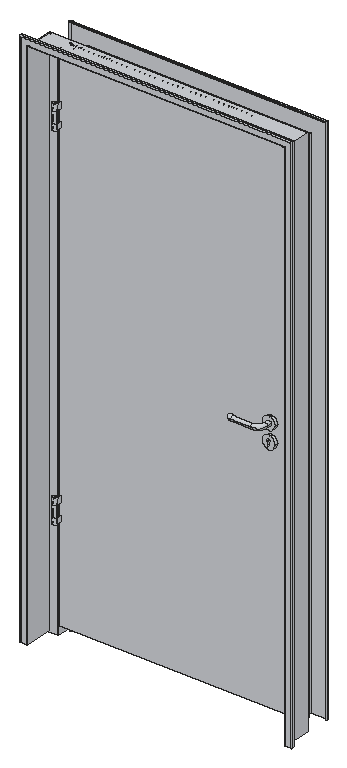
Revit family "BOS-Leibungszarge-BuLd-MW_Familie", category Türen, Revit 2017 (continued)
Definition of nested family "BOS-BOS_Modell"
  Dimensions and locks
    aligned and locked: text3d elem to level
Definition of nested family "BOS-loser-Nagelanker-Leibungszarge_Detail"
  Parameters (values of type "BOS-loser-Nagelanker-Leibungszarge_Detail")
    URL = "www.BestOfSteel.de"
    Spiegel vorne = 30 mm
    Spiegel innen = 40 mm
    Spiegel hinten = 30 mm
    Rechtliche Hinweise = "www.BestOfSteel.de/tools-downloads/bim-building-information-modeling/"
    Profilverschiebung = 15 mm
    MW Maulweite = 200 mm
    Manufacturer = "BOS GmbH Best Of Steel, Lütkenfelde 4, D-48282 Emsdetten"
    Falzaufschlag gesamt = 15 mm
    Description = "loser Nagelanker Leibungszarge"
    Keynote = "BOS Detail"
    BOS-Architekten-Beratung = "Tel.: +49 (0) 2572 203-203, Fax -209; E-Mail: architekten@BestOfSteel.de"
    Allgemeine Informationen zu Stahlzargen = "www.BestOfSteel.de/tools-downloads/technische-infos-rund-um-die-stahlzarge/"
  Reference planes
    plane 1: z = 0
    plane 2 "Außenkante Wand": y = 199
    plane 3: x = -15
    plane 4: y = 14
    plane 5: y = 184
    plane 6 "Innenkante Wand": y = -1
    plane 7: x = 0
    plane 8: x = -165
    plane 9: x = 40
    plane 10: x = 55
    plane 11: x = 25
    plane 12: x = -30
    plane 13: x = -10
  Lines and regions (mm)
    detail lines, in view "Ref.-Ebene"
      curve 1: line (-165, 184, 0) -> (-10, 184, 0)
      curve 2: line (-10, 184, 0) -> (-10, 14, 0)
      curve 3: line (-10, 14, 0) -> (-165, 14, 0)
      curve 4: arc (-41.337, 14, 0) -> (-40.363, 13.88, 0) -> (-39.448, 13.526, 0) r 4
      curve 5: arc (-26.082, 3.557, 0) -> (-27.049, 3.663, 0) -> (-27.971, 3.974, 0) r 4.486
      curve 6: arc (-6.471, 6.5, 0) -> (-1.563, 2.315, 0) -> (-4.92, -3.192, 0) r 4.97
      curve 7: arc (-6.471, 3.557, 0) -> (-4.485, 1.938, 0) -> (-5.671, -0.333, 0) r 2.027
      curve 8: arc (-14.45, -4.348, 0) -> (-12.088, -2.387, 0) -> (-9.253, -1.207, 0) r 10.319
      curve 9: line (-26.333, 6.5, 0) -> (-39.448, 13.526, 0)
      curve 10: line (-27.971, 3.974, 0) -> (-41.086, 11, 0)
      curve 11: line (-41.086, 11, 0) -> (-106.366, 11, 0)
      curve 12: line (-4.92, -3.192, 0) -> (-28.325, -9.2, 0)
      curve 13: line (-28.325, -9.2, 0) -> (-28.635, -7.989, 0)
      curve 14: line (-9.253, -1.207, 0) -> (-5.671, -0.333, 0)
      curve 15: line (-6.471, 6.5, 0) -> (-26.333, 6.5, 0)
      curve 16: line (-6.471, 3.557, 0) -> (-26.082, 3.557, 0)
      curve 17: line (-41.337, 14, 0) -> (-126.5, 14, 0)
      curve 18: arc (-111.855, 12.75, 0) -> (-109.239, 11.471, 0) -> (-106.366, 11, 0) r 9.994
      curve 19: line (-126.5, 14, 0) -> (-126.5, 12.75, 0)
      curve 20: line (-15, 184, 0) -> (-15, 14, 0)
      curve 39: arc (13.798, 184, 0) -> (14.772, 184.12, 0) -> (15.687, 184.474, 0) r 4
      curve 40: arc (29.053, 194.443, 0) -> (28.086, 194.337, 0) -> (27.164, 194.026, 0) r 4.486
      curve 41: arc (48.664, 191.5, 0) -> (53.572, 195.685, 0) -> (50.215, 201.192, 0) r 4.97
      curve 42: arc (48.664, 194.443, 0) -> (50.65, 196.062, 0) -> (49.465, 198.333, 0) r 2.027
      curve 43: arc (40.685, 202.348, 0) -> (43.047, 200.387, 0) -> (45.882, 199.207, 0) r 10.319
      curve 44: line (28.802, 191.5, 0) -> (15.687, 184.474, 0)
      curve 45: line (27.164, 194.026, 0) -> (14.049, 187, 0)
      curve 46: line (14.049, 187, 0) -> (-51.231, 187, 0)
      curve 47: line (50.215, 201.192, 0) -> (26.811, 207.2, 0)
      curve 48: line (26.811, 207.2, 0) -> (26.5, 205.989, 0)
      curve 49: line (45.882, 199.207, 0) -> (49.465, 198.333, 0)
      curve 50: line (48.664, 191.5, 0) -> (28.802, 191.5, 0)
      curve 51: line (48.664, 194.443, 0) -> (29.053, 194.443, 0)
      curve 52: line (13.798, 184, 0) -> (-71.365, 184, 0)
      curve 53: arc (-56.72, 185.25, 0) -> (-54.104, 186.529, 0) -> (-51.231, 187, 0) r 9.994
      curve 54: line (-71.365, 184, 0) -> (-71.365, 185.25, 0)
      curve 56: arc (-41.337, 12.75, 0) -> (-40.668, 12.667, 0) -> (-40.039, 12.424, 0) r 2.75
      curve 57: arc (-26.082, 5.25, 0) -> (-26.63, 5.318, 0) -> (-27.145, 5.517, 0) r 2.25
      curve 58: arc (-6.647, 5.25, 0) -> (-2.96, 2.187, 0) -> (-5.296, -1.998, 0) r 3.75
      curve 59: line (-41.337, 12.75, 0) -> (-126.5, 12.75, 0)
      curve 60: line (-27.145, 5.517, 0) -> (-40.039, 12.424, 0)
      curve 61: line (-45.647, 12.75, 0) -> (-45.647, 14, 0)
      curve 62: line (-28.635, -7.989, 0) -> (-5.296, -1.998, 0)
      curve 63: line (-6.647, 5.25, 0) -> (-26.082, 5.25, 0)
      curve 64: arc (13.798, 185.25, 0) -> (14.468, 185.333, 0) -> (15.097, 185.576, 0) r 2.75
      curve 65: arc (29.053, 192.75, 0) -> (28.505, 192.682, 0) -> (27.991, 192.483, 0) r 2.25
      curve 66: arc (48.488, 192.75, 0) -> (52.175, 195.813, 0) -> (49.839, 199.998, 0) r 3.75
      curve 67: line (13.798, 185.25, 0) -> (-71.365, 185.25, 0)
      curve 68: line (27.991, 192.483, 0) -> (15.097, 185.576, 0)
      curve 69: line (9.488, 185.25, 0) -> (9.488, 184, 0)
      curve 70: line (26.5, 205.989, 0) -> (49.839, 199.998, 0)
      curve 71: line (48.488, 192.75, 0) -> (29.053, 192.75, 0)
    reference lines, in view "Ref.-Ebene"
      curve 21: line (-30.135, 21.062, 0) -> (-30.135, -16.107, 0)
      curve 55: line (25, 176.938, 0) -> (25, 214.107, 0)
    detail lines, in view "Ref.-Ebene", not visible
      curve 22: arc (-156.874, -155.441, 0) -> (-155.9, -155.562, 0) -> (-154.985, -155.915, 0) r 4
      curve 23: arc (-141.619, -165.884, 0) -> (-142.586, -165.779, 0) -> (-143.507, -165.467, 0) r 4.486
      curve 24: arc (-122.007, -162.941, 0) -> (-117.1, -167.126, 0) -> (-120.456, -172.633, 0) r 4.97
      curve 25: arc (-122.007, -165.884, 0) -> (-120.022, -167.503, 0) -> (-121.207, -169.774, 0) r 2.027
      curve 26: arc (-129.986, -173.789, 0) -> (-127.624, -171.828, 0) -> (-124.79, -170.648, 0) r 10.319
      curve 27: line (-141.87, -162.941, 0) -> (-154.985, -155.915, 0)
      curve 28: line (-143.507, -165.467, 0) -> (-156.623, -158.441, 0)
      curve 29: line (-156.623, -158.441, 0) -> (-221.903, -158.441, 0)
      curve 30: line (-120.456, -172.633, 0) -> (-143.861, -178.641, 0)
      curve 31: line (-143.861, -178.641, 0) -> (-144.172, -177.43, 0)
      curve 32: line (-124.79, -170.648, 0) -> (-121.207, -169.774, 0)
      curve 33: line (-122.007, -162.941, 0) -> (-141.87, -162.941, 0)
      curve 34: line (-122.007, -165.884, 0) -> (-141.619, -165.884, 0)
      curve 35: line (-156.874, -155.441, 0) -> (-242.036, -155.441, 0)
      curve 36: arc (-227.391, -156.691, 0) -> (-224.776, -157.97, 0) -> (-221.903, -158.441, 0) r 9.994
      curve 37: line (-242.036, -155.441, 0) -> (-242.036, -156.691, 0)
      curve 72: arc (-156.874, -156.691, 0) -> (-156.204, -156.774, 0) -> (-155.575, -157.017, 0) r 2.75
      curve 73: arc (-141.619, -164.191, 0) -> (-142.166, -164.123, 0) -> (-142.681, -163.925, 0) r 2.25
      curve 74: arc (-122.183, -164.191, 0) -> (-118.497, -167.254, 0) -> (-120.833, -171.44, 0) r 3.75
      curve 75: line (-156.874, -156.691, 0) -> (-242.036, -156.691, 0)
      curve 76: line (-142.681, -163.925, 0) -> (-155.575, -157.017, 0)
      curve 77: line (-161.183, -156.691, 0) -> (-161.183, -155.441, 0)
      curve 78: line (-144.172, -177.43, 0) -> (-120.833, -171.44, 0)
      curve 79: line (-122.183, -164.191, 0) -> (-141.619, -164.191, 0)
    reference lines, in view "Ref.-Ebene", not visible
      curve 38: line (-145.672, -148.379, 0) -> (-145.672, -185.548, 0)
  Dimensions and locks
    plane 2 "Außenkante Wand" to plane 5 = 15 mm
    plane 6 "Innenkante Wand" to plane 4 = 15 mm
    "Profilverschiebung": plane 3 to plane 7
    plane 8 to plane 3 = 150 mm
    "MW Maulweite": plane 2 "Außenkante Wand" to plane 6 "Innenkante Wand"
    "Spiegel innen": plane 7 to plane 9
    "Falzaufschlag gesamt": plane 9 to plane 10
    "Spiegel hinten": plane 11 to plane 10
    "Spiegel vorne": plane 12 to plane 7
    plane 3 to plane 13 = 5 mm
    aligned and locked: plane 5 to curve 1
    aligned and locked: plane 4 to curve 3
    aligned and locked: plane 4 to curve 17
    aligned and locked: plane 8 to curve 1
    aligned and locked: plane 8 to curve 3
    aligned and locked: curve 52 to plane 5
    aligned and locked: curve 21 to plane 12
    aligned and locked: curve 55 to plane 11
  Automatic sketch dimensions
    curve 20 to plane 3 = 0 mm
    plane 3 to curve 1 = 5 mm
    curve 6 to curve 7 = 0 mm  (x4)
    curve 19 to curve 11 = 20.134 mm
    curve 11 to curve 18 = 0.163 mm
    curve 11 to curve 59 = 65.029 mm
    curve 4 to curve 10 = 0.251 mm
    curve 56 to curve 60 = 1.299 mm
    curve 60 to curve 9 = 0.59 mm
    curve 4 to curve 13 = 12.702 mm
    curve 13 to curve 13 = 0.311 mm
    curve 13 to curve 10 = 0.664 mm
    curve 10 to curve 60 = 0.826 mm
    curve 60 to curve 9 = 0.812 mm
    curve 9 to curve 5 = 0.251 mm
    curve 57 to curve 5 = 0 mm
    curve 5 to curve 14 = 16.829 mm
    curve 14 to curve 8 = 2.503 mm
    curve 8 to curve 63 = 2.606 mm
    curve 58 to curve 16 = 0.176 mm
    curve 6 to curve 14 = 0.8 mm
    curve 7 to curve 62 = 0.374 mm
    curve 58 to curve 12 = 0.377 mm
    curve 19 to curve 18 = 6.993 mm
    curve 9 to curve 4 = 0.474 mm
    curve 59 to curve 4 = 1.25 mm
    curve 5 to curve 9 = 5.482 mm
    curve 57 to curve 5 = 0.544 mm
    curve 15 to curve 57 = 1 mm
    curve 60 to curve 9 = 0.983 mm
    curve 10 to curve 57 = 1.543 mm
    curve 6 to curve 16 = 2.027 mm
    curve 58 to curve 6 = 0.03 mm
    curve 14 to curve 7 = 0.874 mm
    curve 8 to curve 6 = 8.026 mm
    curve 18 to curve 18 = 5.489 mm
    curve 61 to curve 4 = 4.31 mm
    curve 4 to curve 56 = 0 mm  (x4)
    curve 41 to curve 42 = 0 mm  (x4)
    curve 54 to curve 46 = 20.134 mm
    curve 46 to curve 53 = 0.163 mm
    curve 46 to curve 67 = 65.029 mm
    curve 39 to curve 45 = 0.251 mm
    curve 64 to curve 68 = 1.299 mm
    curve 68 to curve 44 = 0.59 mm
    curve 39 to curve 48 = 12.702 mm
    curve 48 to curve 48 = 0.311 mm
    curve 48 to curve 45 = 0.664 mm
    curve 45 to curve 68 = 0.826 mm
    curve 68 to curve 44 = 0.812 mm
    curve 44 to curve 40 = 0.251 mm
    curve 65 to curve 40 = 0 mm
    curve 40 to curve 49 = 16.829 mm
    curve 49 to curve 43 = 2.503 mm
    curve 43 to curve 71 = 2.606 mm
    curve 66 to curve 51 = 0.176 mm
    curve 41 to curve 49 = 0.8 mm
    curve 42 to curve 70 = 0.374 mm
    curve 66 to curve 47 = 0.377 mm
    curve 53 to curve 54 = 6.993 mm
    curve 39 to curve 44 = 0.474 mm
    curve 39 to curve 67 = 1.25 mm
    curve 44 to curve 40 = 5.482 mm
    curve 40 to curve 65 = 0.544 mm
    curve 65 to curve 50 = 1 mm
    curve 44 to curve 68 = 0.983 mm
    curve 65 to curve 45 = 1.543 mm
    curve 51 to curve 41 = 2.027 mm
    curve 41 to curve 66 = 0.03 mm
    curve 42 to curve 49 = 0.874 mm
    curve 41 to curve 43 = 8.026 mm
    curve 53 to curve 53 = 5.489 mm
    curve 69 to curve 39 = 4.31 mm
    curve 39 to curve 64 = 0 mm  (x4)
    curve 24 to curve 25 = 0 mm  (x4)
    curve 37 to curve 29 = 20.134 mm
    curve 29 to curve 36 = 0.163 mm
    curve 29 to curve 75 = 65.029 mm
    curve 22 to curve 28 = 0.251 mm
    curve 72 to curve 76 = 1.299 mm
    curve 76 to curve 27 = 0.59 mm
    curve 22 to curve 31 = 12.702 mm
    curve 31 to curve 31 = 0.311 mm
    curve 31 to curve 28 = 0.664 mm
    curve 28 to curve 76 = 0.826 mm
    curve 76 to curve 27 = 0.812 mm
    curve 27 to curve 23 = 0.251 mm
    curve 73 to curve 23 = 0 mm
    curve 23 to curve 32 = 16.829 mm
    curve 32 to curve 26 = 2.503 mm
    curve 26 to curve 79 = 2.606 mm
    curve 74 to curve 34 = 0.176 mm
    curve 24 to curve 32 = 0.8 mm
    curve 25 to curve 78 = 0.374 mm
    curve 74 to curve 30 = 0.377 mm
    curve 37 to curve 36 = 6.993 mm
    curve 27 to curve 22 = 0.474 mm
    curve 75 to curve 22 = 1.25 mm
    curve 23 to curve 27 = 5.482 mm
    curve 73 to curve 23 = 0.544 mm
    curve 33 to curve 73 = 1 mm
    curve 76 to curve 27 = 0.983 mm
    curve 28 to curve 73 = 1.543 mm
    curve 24 to curve 34 = 2.027 mm
    curve 74 to curve 24 = 0.03 mm
    curve 32 to curve 25 = 0.874 mm
    curve 26 to curve 24 = 8.026 mm
    curve 36 to curve 36 = 5.489 mm
    curve 77 to curve 22 = 4.31 mm
    curve 22 to curve 72 = 0 mm  (x4)
    curve 55 to curve 55 = 37.169 mm
    curve 21 to curve 21 = 37.169 mm
    curve 38 to curve 38 = 37.169 mm
Definition of nested family "BOS-Info-Texte_Beschriftung"
  Parameters (values of type "Drehpunkt Warnung")
    Unten = no
    Schwarz = yes
    Rot = no
    Oben = yes
    Info-Text En unten = "Kein Text"
    Info-Text De unten = "Kein Text"
    Info-Text En oben = "The actual pivot point of the door leaf\r\nmay differ from the one illustrated!"
    Englisch unten rot = and(and(Unten, Englisch), Rot)  # no
    Englisch unten schwarz = and(and(Unten, Englisch), Schwarz)  # no
    Englisch oben rot = and(and(Oben, Englisch), Rot)  # no
    Englisch oben schwarz = and(and(Oben, Englisch), Schwarz)  # no
    Info-Text De oben = "Der tatsächliche Drehpunkt des Türblattes\r\nkann von der Darstellung abweichen!"
    Warndreieck = no
    Fehlerkreis = no
    Englisch = no
    Deutsch unten rot = and(and(Unten, Deutsch), Rot)  # no
    Deutsch unten schwarz = and(and(Unten, Deutsch), Schwarz)  # no
    Deutsch oben rot = and(and(Oben, Deutsch), Rot)  # no
    Deutsch oben schwarz = and(and(Oben, Deutsch), Schwarz)  # yes
    Deutsch = not(Englisch)  # yes
    Ausrufezeichen = "!"
  Types (12, lengths in mm): name | Unten | Schwarz | Rot | Oben | Info-Text En unten | Info-Text De unten | Info-Text En oben | Info-Text De oben | Warndreieck | Fehlerkreis | Deutsch unten schwarz | Deutsch oben rot | Deutsch oben schwarz
    Rechtliche Hinweise | no | yes | no | yes | "Kein Text" | "Kein Text" | "In accordance with the protection note according to DIN 34, the ownership and copyrights are reserved!\r\n© 2016 BOS GmbH, Emsdetten, Germany -\r\nObserve the ISO 16016 protective label (see ID data)!\r\n\r\nSubject to technical change!" | "Entsprechend dem Schutzvermerk nach DIN 34 behalten wir uns Eigentum und Urheberrecht vor!\r\n© 2016 BOS GmbH, Emsdetten, Deutschland -\r\nSchutzvermerk ISO 16016 beachten (siehe ID-Daten)!\r\n\r\nTechnische Änderungen vorbehalten!" | no | no | no | no | yes
    Maulweite Fehlermeldung | no | yes | no | yes | "Kein Text" | "Kein Text" | "Check the wall thickness!" | "Wandstärke prüfen!" | no | yes | no | no | yes
    Verstellbereich | no | yes | no | yes | "Kein Text" | "Kein Text" | "Adjustment area from -5 to +15mm,\r\nother adjustment areas possible" | "Verstellbereich von -5 bis +15mm\r\nanderer Verstellbereich möglich" | no | no | no | no | yes
    Verstellbereich wSvdW | no | yes | no | yes | "Kein Text" | "Kein Text" | "Adjustment area in the soffit from -2 to +15mm,\r\nother adjustment areas possible" | "Verstellbereich in der Zargenleibung von -2 bis +15mm\r\nanderer Verstellbereich möglich" | no | no | no | no | yes
    Wandartauswahl 15Nz15Z | no | yes | no | yes | "Kein Text" | "Kein Text" | "Attention for stud walls: underlay from site required!\r\nFor DIN door leaves, select larger structural wall measurements.\r\nFor selection \"stud walls\":\r\nsee 'Features' (remove tick for brick walls)" | "Achtung bei Ständerwerk: bauseitige Unterfütterung erforderlich!\r\nBei DIN-Türblatt Rohbaumaße größer wählen.\r\nFür Auswahl \"Ständerwerk\": \r\nsiehe 'Eigenschaften' (Häkchen entfernen bei Mauerwerk)." | no | no | no | no | yes
    Technische Hinweise | no | yes | no | yes | "Kein Text" | "Kein Text" | "Due to manufacturing reasons this Revit family may not be changed\r\nwithout consulting BOS!\r\n\r\nDo not mirror frames (door list)!\r\nsee ‘Features’: DIN left / DIN right\r\n\r\nThe solid and stud walls or, for example, their profiles,\r\nmust be designed so that they can reliably and sustainably\r\nabsorb the static and dynamic forces resulting\r\nfrom the load on the door element used." | "Diese Revit-Familie darf aus fertigungstechnischen Gründen\r\nnicht ohne Rücksprache mit BOS abgeändert werden!\r\n\r\nZargen nicht spiegeln (Türliste)!\r\nsiehe 'Eigenschaften': DIN links / DIN rechts\r\n\r\nDie Massiv- und Ständerwerkswände bzw. deren Profile\r\nmüssen so ausgebildet sein, dass sie die statischen\r\nund dynamischen Kräfte, welche sich aus der Belastung\r\nder verwendeten Türelements ergeben, zuverlässig\r\nund nachhaltig aufnehmen können." | no | no | no | no | yes
    Drückerhöhe Warnung | yes | yes | no | no | "Please take the handle depth/height and/or DIN opening direction into account" | "Drückertiefen/-höhen und/oder DIN Richtungen beachten/anpassen!" | "Kein Text" | "Kein Text" | yes | no | yes | no | no
    Maulweite-Dehnungsfuge Fehlermeldung | no | yes | no | yes | "Kein Text" | "Kein Text" | "Check the wall thickness and/or expansion joint!" | "Wandstärke und/oder Dehnungsfuge prüfen!" | no | yes | no | no | yes
    Technische Hinweise Norm | no | yes | no | yes | "Kein Text" | "Kein Text" | "Due to manufacturing reasons this Revit family may not be changed\r\nwithout consulting BOS!\r\n\r\nThe solid and stud walls or, for example, their profiles,\r\nmust be designed so that they can reliably and sustainably\r\nabsorb the static and dynamic forces resulting\r\nfrom the load on the door element used." | "Diese Revit-Familie darf aus fertigungstechnischen Gründen\r\nnicht ohne Rücksprache mit BOS abgeändert werden!\r\n\r\nDie Massiv- und Ständerwerkswände bzw. deren Profile\r\nmüssen so ausgebildet sein, dass sie die statischen\r\nund dynamischen Kräfte, welche sich aus der Belastung\r\nder verwendeten Türelements ergeben, zuverlässig\r\nund nachhaltig aufnehmen können." | no | no | no | no | yes
    Maßauswahl | no | no | yes | yes | "Kein Text" | "Kein Text" | "To choose  Rebate Width/Height Measurement, Receiving Opening\r\nsee 'Features'" | "Auswahl von FMB, FMH, MW\r\nunter 'Eigenschaften'" | no | no | no | yes | no
    Rohbaumaß Warnung | no | yes | no | yes | "Kein Text" | "Kein Text" | "For DIN door leaves, select larger structural wall measurements!\r\nWhen changing the architrave widths, the structural measurements change accordingly." | "Bei DIN-Türblatt Rohbaumaße größer wählen!\r\nBei Änderung der Spiegelbreiten, Rohbaumaße beachten." | no | no | no | no | yes
    Drehpunkt Warnung | no | yes | no | yes | "Kein Text" | "Kein Text" | "The actual pivot point of the door leaf\r\nmay differ from the one illustrated!" | "Der tatsächliche Drehpunkt des Türblattes\r\nkann von der Darstellung abweichen!" | no | no | no | no | yes
  Reference planes
    plane 1: y = 0.955
    plane 2: x = 0
  Lines and regions (mm)
    Filled region 1, type "Gefüllter Bereich Gelb", visible <- "Warndreieck"
      outline origin (-7.188, 1.747, 0) x (1, 0, 0) y (0, 1, 0)
        loop
          line (5.951, -3.033) -> (8.413, -3.033) -> (7.182, -0.9) -> (5.951, -3.033)
    Filled region 2, type "Gefüllter Bereich Rot", visible <- "Fehlerkreis"
      outline origin (0, -3.763, 0) x (1, 0, 0) y (0, 1, 0)
        loop
          circle (0, 3.1) r 1.5
        loop
          line (-0.937, 3.486) -> (-0.937, 2.686) -> (1.023, 2.686) -> (1.023, 3.486) -> (-0.937, 3.486)
    Filled region 3, type "Gefüllter Bereich Weiss", visible <- "Fehlerkreis"
      outline origin (-7.014, -2.062, 0) x (1, 0, 0) y (0, 1, 0)
        loop
          line (6.077, 1.785) -> (6.077, 0.985) -> (8.038, 0.985) -> (8.038, 1.785) -> (6.077, 1.785)
  Text (mm)
    label "Info-Text De oben schwarz" at (0.065, 1.415, 0), shows "Info-Text De oben", visible <- "Deutsch oben schwarz"
    label "!" at (0.065, -0.414, 0), shows "Ausrufezeichen", visible <- "Warndreieck"
    label "Info-Text En oben schwarz" at (0.065, 1.415, 0), shows "Info-Text En oben", visible <- "Englisch oben schwarz"
    label "Info-Text De unten schwarz" at (0.218, -2.468, 0), shows "Info-Text De unten", visible <- "Deutsch unten schwarz"
    label "Info-Text En unten schwarz" at (0.065, -2.419, 0), shows "Info-Text En unten", visible <- "Englisch unten schwarz"
    label "Info-Text En oben rot" at (0.065, 1.415, 0), shows "Info-Text En oben", visible <- "Englisch oben rot"
    label "Info-Text En unten rot" at (0.065, -2.419, 0), shows "Info-Text En unten", visible <- "Englisch unten rot"
    label "Info-Text De unten rot" at (0.065, -2.419, 0), shows "Info-Text De unten", visible <- "Deutsch unten rot"
    label "Info-Text De oben rot" at (-0.371, 1.396, 0), shows "Info-Text De oben", visible <- "Deutsch oben rot"
Definition of nested family "BOS-Logo_Modell"
  Parameters (values of type "BOS-Logo_Modell")
    URL = "www.BestOfSteel.de"
    Rechtliche Hinweise = "www.BestOfSteel.de/tools-downloads/bim-building-information-modeling/"
    Description = "BOS Logo"
    Keynote = "BOS Logo"
    BOS-Architekten-Beratung = "Tel.: +49 (0) 2572 203-203; E-Mail: architekten@BestOfSteel.de"
    Technische Infos rund um die Stahlzarge = "www.BestOfSteel.de/tools-downloads/technische-infos-rund-um-die-stahlzarge/"
    Abstand vertikal = 10 mm
    Abstand horizontal = 15 mm
  Reference planes
    plane 1: y = 0
    plane 2: z = 0
    plane 3: x = 0
    plane 4: x = -7
    plane 5: x = 7
    plane 6: y = 8.299
    plane 7: x = 15
    plane 8: y = 4.15
    plane 9: x = -15
    plane 10: y = 14.15
    plane 11: y = -5.85
  Dimensions and locks
    plane 4 to plane 3 to plane 5 = 7 mm, 7 mm
    "Abstand vertikal": plane 11 to plane 8 to plane 10
    plane 6 to plane 8 to plane 1 = 4.15 mm, 4.15 mm
    "Abstand horizontal": plane 9 to plane 3
    "Abstand horizontal": plane 3 to plane 7
    aligned and locked: level to plane 2
Types (4, lengths in mm): name | Türblattabstand 1 | Türblattversatz horizontal | Spiegel hinten min. | Spiegel hinten max. | LDH Lichte Durchgangs Höhe   Clearance Height | LDB Lichte Durchgangs Breite   Clearance Width | Drehpunktposition vertikal | Drehpunktposition horizontal | Drehpunktabstand (SP) vertikal | Drehpunktabstand (FM) horizontal | Stumpf | MW Maulweite (BuLd, BsLd) | MW Maulweite (BuLFd, BsLFd) | Gefälzt | Falztiefe gesamt | Falzaufschlag gesamt | Dichtungsversatz vertikal 1 | Einfachfalz | Doppelfalz | Bänder - Auswahl | BsFLd | BuFLd | Türblattstärke 3 | Türblattstärke 2 | Türblattstärke 1 | Türblattstärke | Türblattversatz vertikal | Spiegel hinten   Architrave Back | Spiegel hinten | BsLd | Modell | MW min. | GT min. | Falztiefe | Dichtung 2 | Beschreibung
  BuLd | -2 | 6 | 70 | 70 | 2078 | 906 | 215 | 1523.5 | 13.5 | 2.5 | yes | 130 | 200 | no | 71.5 | 30 | 155 | no | yes | "3D Bänder stumpf, Bandaufnahmen BVX11000" | yes | no | 25 | 40 | 0 | 65 | 15.5 | 70 | 70 | no | "BsFLd" | 130 | 150 | 46.5 | yes | "Leibungszarge für Mauerwerk, stumpf, mit Doppelfalz"
  BsLd | -2 | 6 | 55 | 55 | 2093 | 936 | 190 | 1523.5 | 13.5 | 2.5 | yes | 200 | 130 | no | 46.5 | 15 | 180 | yes | no | "3D Bänder stumpf, Bandaufnahmen BVX11000" | no | no | 0 | 40 | 0 | 40 | 15.5 | 55 | 55 | yes | "BsLd" | 100 | 120 | 46.5 | no | "Leibungszarge für Mauerwerk, stumpf"
  BuFLd | 1.5 | 11.5 | 70 | 70 | 2078 | 906 | 196 | 1542 | 12.5 | 21 | no | 130 | 200 | yes | 53.5 | 30 | 155 | no | yes | "3D Bänder gefälzt, Bandaufnahmen BVX11000" | no | yes | 25 | 25.5 | 14.5 | 65 | -3.5 | 70 | 70 | no | "BuFLd" | 130 | 150 | 28.5 | yes | "Leibungszarge für Mauerwerk, gefälzt, mit Doppelfalz"
  BsFLd | -2 | 6 | 70 | 70 | 2078 | 906 | 215 | 1523.5 | 13.5 | 2.5 | yes | 130 | 200 | no | 71.5 | 30 | 155 | no | yes | "3D Bänder stumpf, Bandaufnahmen BVX11000" | yes | no | 25 | 40 | 0 | 65 | 15.5 | 70 | 70 | no | "BsFLd" | 130 | 150 | 46.5 | yes | "Leibungszarge für Mauerwerk, stumpf, mit Doppelfalz"
